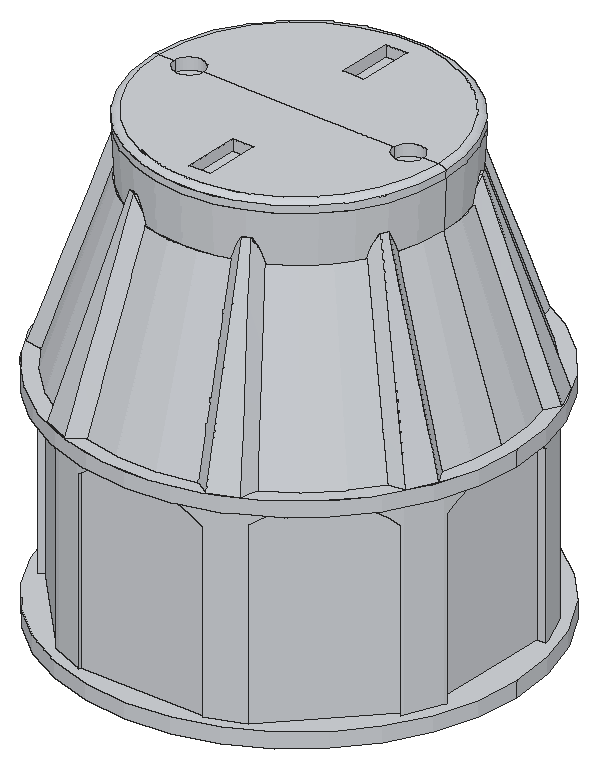
Revit family "110104-00020 Колодец пластиковый ККТМ-2-ССД", category Обобщенные модели, Revit 2019
Family settings
  Может служить основой для арматурных стержней = Нет
  Размер круглого соединителя = Использовать диаметр
  Тип детали = Нормальный
  На основе рабочей плоскости = Нет
  Всегда вертикально = Да
  При загрузке вырезать с полостями = Нет
  Общий = Нет
  Точка расчета площади = Нет
Parameters (values of type "Колодец пластиковый ККТМ-2-ССД")
  ADSK_Ссылка на сайт = "https://www.ssd.ru/kolodets-plastikovyy-kktm-2"
  ADSK_Наименование = "Колодец пластиковый ККТМ-2-ССД"
  ADSK_Материал = "Полиэтилен среднего давления"
  ADSK_Масса = "9,75"
  ADSK_Марка = "Колодцы кабельные пластиковые"
  ADSK_Код изделия = "110104-00020"
  ADSK_Изготовитель = "АО \"СВЯЗЬСТРОЙДЕТАЛЬ\""
  ADSK_Диаметр 2 = 405 mm
  ADSK_Диаметр = 600 mm
  ADSK_Высота = 620 mm
Reference planes
  plane 1 "По центру (Вперед/Назад)": y = 0
  plane 2: z = 0
  plane 3 "По центру (Влево/Вправо)": x = 0
  plane 4: x = -300
  plane 5: y = 202.5
  plane 6: x = 300
  plane 7: y = -202.5
  plane 8: z = 285
  plane 9: z = 20
  plane 10: z = 620
  plane 11: z = 540
Forms (mm)
  Extrusion 1, solid
    sketch origin (0, 0, 0) x (1, 0, 0) y (0, 1, 0)
      loop
        circle (0, 0) r 285
    from 20 to 285
  Extrusion 2, solid
    sketch origin (0, 0, 0) x (1, 0, 0) y (0, 1, 0)
      loop
        circle (0, 0) r 300
    from 0 to 20
  Extrusion 3, solid
    sketch origin (0, 0, 285) x (1, 0, 0) y (0, 1, 0)
      loop
        circle (0, 0) r 300
    from 0 to 20
  Blend 4, solid
    base sketch origin (0, 0, 0) x (1, 0, 0) y (0, 1, 0)
      loop
        circle (0, 0) r 280
    top sketch origin (0, 0, 0) x (1, 0, 0) y (0, 1, 0)
      loop
        circle (0, 0) r 200
    from 305 to 540
  Blend 5, solid
    base sketch origin (0, 0, 0) x (1, 0, 0) y (0, 1, 0)
      loop
        circle (0, 0) r 199
    top sketch origin (0, 0, 0) x (1, 0, 0) y (0, 1, 0)
      loop
        circle (0, 0) r 202.5
    from 540 to 605
  Extrusion 6, solid
    sketch origin (0, 0, 0) x (1, 0, 0) y (0, 1, 0)
      loop
        circle (0, 0) r 202.5
    from 605 to 615
  Revolve 7, solid
    sketch origin (0, 0, 0) x (1, 0, 0) y (0, 0, 1)
      loop
        line (0, 620) -> (-192.334, 620)
        arc (-192.334, 620) -> (-197.999, 618.682) -> (-202.5, 615) r 12.835
        line (-202.5, 615) -> (0, 615) -> (0, 620)
      axis (0, 620) -> (0, 615)
    angle from 0 to 360
  Extrusion 8, void
    sketch origin (0, 0, 0) x (1, 0, 0) y (0, 0, 1)
      loop
        line (85, 20) -> (85, 254.576)
        arc (85, 254.576) -> (1.096, 292.259) -> (-85, 259.895) r 120.714
        line (-85, 259.895) -> (-85, 20) -> (85, 20)
    from 269.363 to 286.917
  Extrusion 9, void
    sketch origin (0, 0, 0) x (1, 0, 0) y (0, 0, -1)
      loop
        line (85, -20) -> (-85, -20) -> (-85, -259.895)
        arc (-85, -259.895) -> (1.096, -292.259) -> (85, -254.576) r 120.714
        line (85, -254.576) -> (85, -20)
    from 259.772 to 285.661
  Extrusion 10, void
    sketch origin (2.991, 16.693, 0) x (-0.681998, -0.731354, 0) y (0, 0, 1)
      loop
        line (85, 20) -> (85, 254.576)
        arc (85, 254.576) -> (1.096, 292.259) -> (-85, 259.895) r 120.714
        line (-85, 259.895) -> (-85, 20) -> (85, 20)
    from 259.772 to 285.661
  Extrusion 11, void
    sketch origin (-0.661, 0, 0) x (0, -1, 0) y (0, 0, -1)
      loop
        line (85, -20) -> (-85, -20) -> (-85, -259.895)
        arc (-85, -259.895) -> (1.096, -292.259) -> (85, -254.576) r 120.714
        line (85, -254.576) -> (85, -20)
    from 259.772 to 285.661
  Extrusion 12, void
    sketch origin (0.661, 0, 0) x (0, -1, 0) y (0, 0, 1)
      loop
        line (85, 20) -> (85, 254.576)
        arc (85, 254.576) -> (1.096, 292.259) -> (-85, 259.895) r 120.714
        line (-85, 259.895) -> (-85, 20) -> (85, 20)
    from 259.772 to 285.661
  Extrusion 13, void
    sketch origin (-2.991, 16.693, 0) x (0.681998, -0.731354, 0) y (0, 0, -1)
      loop
        line (85, -20) -> (-85, -20) -> (-85, -259.895)
        arc (-85, -259.895) -> (1.096, -292.259) -> (85, -254.576) r 120.714
        line (85, -254.576) -> (85, -20)
    from 259.772 to 285.661
  Extrusion 14, void
    sketch origin (-2.991, -16.693, 0) x (0.681998, 0.731354, 0) y (0, 0, 1)
      loop
        line (85, 20) -> (85, 254.576)
        arc (85, 254.576) -> (1.096, 292.259) -> (-85, 259.895) r 120.714
        line (-85, 259.895) -> (-85, 20) -> (85, 20)
    from 259.772 to 285.661
  Extrusion 15, void
    sketch origin (2.991, -16.693, 0) x (-0.681998, 0.731354, 0) y (0, 0, -1)
      loop
        line (85, -20) -> (-85, -20) -> (-85, -259.895)
        arc (-85, -259.895) -> (1.096, -292.259) -> (85, -254.576) r 120.714
        line (85, -254.576) -> (85, -20)
    from 259.772 to 285.661
  Blend 16, solid
    base sketch origin (-56.088, -135.312, -73.049) x (0.920505, -0.390731, 0) y (0.12721, 0.299687, 0.945519)
      loop
        line (-50, 305) -> (50, 305) -> (38.5, 540) -> (5, 592) -> (-5, 592) -> (-38.5, 540) -> (-50, 305)
    top sketch origin (-56.088, -135.312, -73.049) x (0.920505, -0.390731, 0) y (0.12721, 0.299687, 0.945519)
      loop
        line (-20, 305) -> (20, 305) -> (5, 592) -> (-5, 592) -> (-20, 305)
    from 225.802 to 265.495
  Blend 17, solid
    base sketch origin (-56.088, 135.312, -73.049) x (0.920505, 0.390731, 0) y (-0.12721, 0.299687, -0.945519)
      loop
        line (-50, -305) -> (-38.5, -540) -> (-5, -592) -> (5, -592) -> (38.5, -540) -> (50, -305) -> (-50, -305)
    top sketch origin (-56.088, 135.312, -73.049) x (0.920505, 0.390731, 0) y (-0.12721, 0.299687, -0.945519)
      loop
        line (-20, -305) -> (-5, -592) -> (5, -592) -> (20, -305) -> (-20, -305)
    from 225.802 to 265.495
  Blend 18, solid
    base sketch origin (56.088, 135.312, -73.049) x (-0.920505, 0.390731, 0) y (-0.12721, -0.299687, 0.945519)
      loop
        line (-50, 305) -> (50, 305) -> (38.5, 540) -> (5, 592) -> (-5, 592) -> (-38.5, 540) -> (-50, 305)
    top sketch origin (56.088, 135.312, -73.049) x (-0.920505, 0.390731, 0) y (-0.12721, -0.299687, 0.945519)
      loop
        line (-20, 305) -> (20, 305) -> (5, 592) -> (-5, 592) -> (-20, 305)
    from 225.802 to 265.495
  Blend 19, solid
    base sketch origin (56.088, -135.312, -73.049) x (-0.920505, -0.390731, 0) y (0.12721, -0.299687, -0.945519)
      loop
        line (-50, -305) -> (-38.5, -540) -> (-5, -592) -> (5, -592) -> (38.5, -540) -> (50, -305) -> (-50, -305)
    top sketch origin (56.088, -135.312, -73.049) x (-0.920505, -0.390731, 0) y (0.12721, -0.299687, -0.945519)
      loop
        line (-20, -305) -> (-5, -592) -> (5, -592) -> (20, -305) -> (-20, -305)
    from 225.802 to 265.495
  Blend 20, solid
    base sketch origin (-133.434, -60.537, -75.755) x (0.422618, -0.906308, 0) y (0.295065, 0.137591, 0.945519)
      loop
        line (-50, 305) -> (50, 305) -> (38.5, 540) -> (5, 592) -> (-5, 592) -> (-38.5, 540) -> (-50, 305)
    top sketch origin (-133.434, -60.537, -75.755) x (0.422618, -0.906308, 0) y (0.295065, 0.137591, 0.945519)
      loop
        line (-20, 305) -> (20, 305) -> (5, 592) -> (-5, 592) -> (-20, 305)
    from 225.802 to 265.495
  Blend 21, solid
    base sketch origin (-133.434, 60.537, -75.755) x (0.422618, 0.906308, 0) y (-0.295065, 0.137591, -0.945519)
      loop
        line (-50, -305) -> (-38.5, -540) -> (-5, -592) -> (5, -592) -> (38.5, -540) -> (50, -305) -> (-50, -305)
    top sketch origin (-133.434, 60.537, -75.755) x (0.422618, 0.906308, 0) y (-0.295065, 0.137591, -0.945519)
      loop
        line (-20, -305) -> (-5, -592) -> (5, -592) -> (20, -305) -> (-20, -305)
    from 225.802 to 265.495
  Blend 22, solid
    base sketch origin (133.434, 60.537, -75.755) x (-0.422618, 0.906308, 0) y (-0.295065, -0.137591, 0.945519)
      loop
        line (-50, 305) -> (50, 305) -> (38.5, 540) -> (5, 592) -> (-5, 592) -> (-38.5, 540) -> (-50, 305)
    top sketch origin (133.434, 60.537, -75.755) x (-0.422618, 0.906308, 0) y (-0.295065, -0.137591, 0.945519)
      loop
        line (-20, 305) -> (20, 305) -> (5, 592) -> (-5, 592) -> (-20, 305)
    from 225.802 to 265.495
  Blend 23, solid
    base sketch origin (133.434, -60.537, -75.755) x (-0.422618, -0.906308, 0) y (0.295065, -0.137591, -0.945519)
      loop
        line (-50, -305) -> (-38.5, -540) -> (-5, -592) -> (5, -592) -> (38.5, -540) -> (50, -305) -> (-50, -305)
    top sketch origin (133.434, -60.537, -75.755) x (-0.422618, -0.906308, 0) y (0.295065, -0.137591, -0.945519)
      loop
        line (-20, -305) -> (-5, -592) -> (5, -592) -> (20, -305) -> (-20, -305)
    from 225.802 to 265.495
  Extrusion 24, void
    sketch origin (0, 0, 0) x (1, 0, 0) y (0, 1, 0)
      loop
        circle (151.327, 0) r 20
    from 605 to 620
  Extrusion 25, void
    sketch origin (0, 0, 0) x (-1, 0, 0) y (0, -1, 0)
      loop
        circle (151.327, 0) r 20
    from 605 to 620
  Extrusion 26, void
    sketch origin (0, 0, 0) x (1, 0, 0) y (0, 1, 0)
      loop
        line (-15.627, 169.711) -> (-15.627, 94.711) -> (14.373, 94.711) -> (14.373, 169.711) -> (-15.627, 169.711)
    from 605 to 620
  Extrusion 27, void
    sketch origin (0, 0, 0) x (1, 0, 0) y (0, 1, 0)
      loop
        line (-15.627, -169.711) -> (14.373, -169.711) -> (14.373, -94.711) -> (-15.627, -94.711) -> (-15.627, -169.711)
    from 605 to 620
Cuts and joins
  Extrusion 8, Extrusion 9, Extrusion 10, Extrusion 11, Extrusion 12, Extrusion 13, Extrusion 14, Extrusion 15, Extrusion 24, Extrusion 25, Extrusion 26, Extrusion 27 cuts Extrusion 1
  Extrusion 8, Extrusion 9, Extrusion 10, Extrusion 11, Extrusion 12, Extrusion 13, Extrusion 14, Extrusion 15, Extrusion 24, Extrusion 25, Extrusion 26, Extrusion 27 cuts Extrusion 2
  Extrusion 8, Extrusion 9, Extrusion 10, Extrusion 11, Extrusion 12, Extrusion 13, Extrusion 14, Extrusion 15, Extrusion 24, Extrusion 25, Extrusion 26, Extrusion 27 cuts Extrusion 3
  Extrusion 13, Extrusion 14, Extrusion 15, Extrusion 24, Extrusion 25, Extrusion 26, Extrusion 27 cuts Blend 4
  Extrusion 13, Extrusion 14, Extrusion 15, Extrusion 24, Extrusion 25, Extrusion 26, Extrusion 27 cuts Blend 5
  Extrusion 24, Extrusion 25, Extrusion 26, Extrusion 27 cuts Extrusion 6
  Extrusion 24, Extrusion 25, Extrusion 26, Extrusion 27 cuts Revolve 7
  Extrusion 24, Extrusion 25, Extrusion 26, Extrusion 27 cuts Blend 16
  Extrusion 24, Extrusion 25, Extrusion 26, Extrusion 27 cuts Blend 17
  Extrusion 24, Extrusion 25, Extrusion 26, Extrusion 27 cuts Blend 18
  Extrusion 24, Extrusion 25, Extrusion 26, Extrusion 27 cuts Blend 19
  Extrusion 24, Extrusion 25, Extrusion 26, Extrusion 27 cuts Blend 20
  Extrusion 24, Extrusion 25, Extrusion 26, Extrusion 27 cuts Blend 21
  Extrusion 24, Extrusion 25, Extrusion 26, Extrusion 27 cuts Blend 22
  Extrusion 24, Extrusion 25, Extrusion 26, Extrusion 27 cuts Blend 23
  joined: Extrusion 1, Extrusion 2, Extrusion 3, Blend 4, Blend 5, Extrusion 6, Revolve 7, Blend 16, Blend 17, Blend 18, Blend 19, Blend 20, Blend 21, Blend 22, Blend 23
Lines and regions (mm)
  model lines
    curve 1: line (0, 85, 20) -> (0, 123, 20)
    curve 2: line (0, 123, 20) -> (0, 123, 305)
Dimensions and locks
  "ADSK_Диаметр": plane 4 to plane 6
  "ADSK_Диаметр 2": plane 7 to plane 5
  equal spacing: plane 4, plane 3 "По центру (Влево/Вправо)", plane 6
  equal spacing: plane 7, plane 1 "По центру (Вперед/Назад)", plane 5
  "ADSK_Высота": plane 10 to level
  aligned and locked: level to plane 2
  aligned and locked: Extrusion 2 to level
Automatic sketch dimensions
  curve 1 to plane 9 = 0 mm
  curve 2 to plane 5 = 79.5 mm
  curve 1 to curve 1 = 38 mm
  plane 8 to curve 2 = 20 mm
  plane 1 "По центру (Вперед/Назад)" to Extrusion 1 sketch curve = 0 mm
  Extrusion 1 sketch curve to plane 3 "По центру (Влево/Вправо)" = 0 mm
  plane 1 "По центру (Вперед/Назад)" to Extrusion 2 sketch curve = 0 mm
  Extrusion 2 sketch curve to plane 3 "По центру (Влево/Вправо)" = 0 mm
  plane 1 "По центру (Вперед/Назад)" to Extrusion 3 sketch curve = 0 mm
  Extrusion 3 sketch curve to plane 3 "По центру (Влево/Вправо)" = 0 mm
  plane 1 "По центру (Вперед/Назад)" to Blend 4 sketch curve = 0 mm  (x2)
  Blend 4 sketch curve to plane 3 "По центру (Влево/Вправо)" = 0 mm  (x2)
  plane 1 "По центру (Вперед/Назад)" to Blend 5 sketch curve = 0 mm  (x2)
  Blend 5 sketch curve to plane 3 "По центру (Влево/Вправо)" = 0 mm  (x2)
  plane 1 "По центру (Вперед/Назад)" to Extrusion 6 sketch curve = 0 mm
  Extrusion 6 sketch curve to plane 3 "По центру (Влево/Вправо)" = 0 mm
  Revolve 7 sketch curve to plane 10 = 0 mm
  Revolve 7 sketch curve to plane 3 "По центру (Влево/Вправо)" = 0 mm  (x2)
  plane 4 to Revolve 7 sketch curve = 107.666 mm
  Revolve 7 sketch curve to plane 10 = 5 mm
  Revolve 7 sketch curve to Revolve 7 sketch curve = 10.166 mm
  Revolve 7 sketch curve to level = 366.045 mm
  Revolve 7 sketch curve to Revolve 7 sketch curve = 1594.315 mm
  Extrusion 8 sketch curve to plane 9 = 0 mm
  Extrusion 8 sketch curve to plane 3 "По центру (Влево/Вправо)" = 85 mm
  Extrusion 8 sketch curve to plane 3 "По центру (Влево/Вправо)" = 2.679 mm
  plane 3 "По центру (Влево/Вправо)" to Extrusion 8 sketch curve = 85 mm
  Extrusion 8 sketch curve to plane 8 = 113.396 mm
  Extrusion 8 sketch curve to plane 8 = 30.424 mm
  Extrusion 9 sketch curve to plane 9 = 0 mm
  Extrusion 9 sketch curve to plane 3 "По центру (Влево/Вправо)" = 85 mm
  Extrusion 9 sketch curve to plane 3 "По центру (Влево/Вправо)" = 2.679 mm
  plane 3 "По центру (Влево/Вправо)" to Extrusion 9 sketch curve = 85 mm
  Extrusion 9 sketch curve to plane 8 = 113.396 mm
  Extrusion 9 sketch curve to plane 8 = 30.424 mm
  plane 9 to Extrusion 10 sketch curve = 0 mm
  Extrusion 10 sketch curve to Extrusion 10 sketch curve = 82.321 mm
  Extrusion 10 sketch curve to Extrusion 10 sketch curve = 170 mm
  Extrusion 10 sketch curve to plane 8 = 113.396 mm
  Extrusion 10 sketch curve to plane 8 = 30.424 mm
  Extrusion 11 sketch curve to plane 9 = 0 mm
  Extrusion 11 sketch curve to plane 1 "По центру (Вперед/Назад)" = 85 mm
  Extrusion 11 sketch curve to plane 1 "По центру (Вперед/Назад)" = 2.679 mm
  plane 1 "По центру (Вперед/Назад)" to Extrusion 11 sketch curve = 85 mm
  Extrusion 11 sketch curve to plane 8 = 113.396 mm
  Extrusion 11 sketch curve to plane 8 = 30.424 mm
  Extrusion 12 sketch curve to plane 9 = 0 mm
  Extrusion 12 sketch curve to plane 1 "По центру (Вперед/Назад)" = 85 mm
  Extrusion 12 sketch curve to plane 1 "По центру (Вперед/Назад)" = 2.679 mm
  plane 1 "По центру (Вперед/Назад)" to Extrusion 12 sketch curve = 85 mm
  Extrusion 12 sketch curve to plane 8 = 113.396 mm
  Extrusion 12 sketch curve to plane 8 = 30.424 mm
  plane 9 to Extrusion 13 sketch curve = 0 mm
  Extrusion 13 sketch curve to Extrusion 13 sketch curve = 82.321 mm
  Extrusion 13 sketch curve to Extrusion 13 sketch curve = 170 mm
  Extrusion 13 sketch curve to plane 8 = 113.396 mm
  Extrusion 13 sketch curve to plane 8 = 30.424 mm
  Extrusion 14 sketch curve to plane 9 = 0 mm
  Extrusion 14 sketch curve to Extrusion 14 sketch curve = 82.321 mm
  Extrusion 14 sketch curve to Extrusion 14 sketch curve = 170 mm
  Extrusion 14 sketch curve to plane 8 = 113.396 mm
  Extrusion 14 sketch curve to plane 8 = 30.424 mm
  Extrusion 15 sketch curve to plane 9 = 0 mm
  Extrusion 15 sketch curve to Extrusion 15 sketch curve = 82.321 mm
  Extrusion 15 sketch curve to Extrusion 15 sketch curve = 170 mm
  Extrusion 15 sketch curve to plane 8 = 113.396 mm
  Extrusion 15 sketch curve to plane 8 = 30.424 mm
  Blend 16 sketch curve to Blend 16 sketch curve = 11.5 mm
  Blend 16 sketch curve to Blend 16 sketch curve = 33.5 mm  (x2)
  Blend 16 sketch curve to Blend 16 sketch curve = 10 mm  (x2)
  Blend 16 sketch curve to Blend 16 sketch curve = 100 mm
  Blend 16 sketch curve to Blend 16 sketch curve = 235 mm
  Blend 16 sketch curve to Blend 16 sketch curve = 0 mm
  Blend 16 sketch curve to Blend 16 sketch curve = 52 mm
  Blend 16 sketch curve to Blend 16 sketch curve = 15 mm
  Blend 16 sketch curve to Blend 16 sketch curve = 40 mm
  Blend 16 sketch curve to Blend 16 sketch curve = 287 mm
  Blend 17 sketch curve to Blend 17 sketch curve = 11.5 mm
  Blend 17 sketch curve to Blend 17 sketch curve = 33.5 mm  (x2)
  Blend 17 sketch curve to Blend 17 sketch curve = 10 mm  (x2)
  Blend 17 sketch curve to Blend 17 sketch curve = 100 mm
  Blend 17 sketch curve to Blend 17 sketch curve = 52 mm  (x2)
  Blend 17 sketch curve to Blend 17 sketch curve = 235 mm
  Blend 17 sketch curve to Blend 17 sketch curve = 15 mm
  Blend 17 sketch curve to Blend 17 sketch curve = 40 mm
  Blend 17 sketch curve to Blend 17 sketch curve = 287 mm
  Blend 18 sketch curve to Blend 18 sketch curve = 11.5 mm
  Blend 18 sketch curve to Blend 18 sketch curve = 33.5 mm  (x2)
  Blend 18 sketch curve to Blend 18 sketch curve = 10 mm  (x2)
  Blend 18 sketch curve to Blend 18 sketch curve = 100 mm
  Blend 18 sketch curve to Blend 18 sketch curve = 235 mm
  Blend 18 sketch curve to Blend 18 sketch curve = 0 mm
  Blend 18 sketch curve to Blend 18 sketch curve = 52 mm
  Blend 18 sketch curve to Blend 18 sketch curve = 15 mm
  Blend 18 sketch curve to Blend 18 sketch curve = 40 mm
  Blend 18 sketch curve to Blend 18 sketch curve = 287 mm
  Blend 19 sketch curve to Blend 19 sketch curve = 11.5 mm
  Blend 19 sketch curve to Blend 19 sketch curve = 33.5 mm  (x2)
  Blend 19 sketch curve to Blend 19 sketch curve = 10 mm  (x2)
  Blend 19 sketch curve to Blend 19 sketch curve = 100 mm
  Blend 19 sketch curve to Blend 19 sketch curve = 52 mm  (x2)
  Blend 19 sketch curve to Blend 19 sketch curve = 235 mm
  Blend 19 sketch curve to Blend 19 sketch curve = 15 mm
  Blend 19 sketch curve to Blend 19 sketch curve = 40 mm
  Blend 19 sketch curve to Blend 19 sketch curve = 287 mm
  Blend 20 sketch curve to Blend 20 sketch curve = 11.5 mm
  Blend 20 sketch curve to Blend 20 sketch curve = 33.5 mm  (x2)
  Blend 20 sketch curve to Blend 20 sketch curve = 10 mm  (x2)
  Blend 20 sketch curve to Blend 20 sketch curve = 100 mm
  Blend 20 sketch curve to Blend 20 sketch curve = 235 mm
  Blend 20 sketch curve to Blend 20 sketch curve = 0 mm
  Blend 20 sketch curve to Blend 20 sketch curve = 52 mm
  Blend 20 sketch curve to Blend 20 sketch curve = 15 mm
  Blend 20 sketch curve to Blend 20 sketch curve = 40 mm
  Blend 20 sketch curve to Blend 20 sketch curve = 287 mm
  Blend 21 sketch curve to Blend 21 sketch curve = 11.5 mm
  Blend 21 sketch curve to Blend 21 sketch curve = 33.5 mm  (x2)
  Blend 21 sketch curve to Blend 21 sketch curve = 10 mm  (x2)
  Blend 21 sketch curve to Blend 21 sketch curve = 100 mm
  Blend 21 sketch curve to Blend 21 sketch curve = 52 mm  (x2)
  Blend 21 sketch curve to Blend 21 sketch curve = 235 mm
  Blend 21 sketch curve to Blend 21 sketch curve = 15 mm
  Blend 21 sketch curve to Blend 21 sketch curve = 40 mm
  Blend 21 sketch curve to Blend 21 sketch curve = 287 mm
  Blend 22 sketch curve to Blend 22 sketch curve = 11.5 mm
  Blend 22 sketch curve to Blend 22 sketch curve = 33.5 mm  (x2)
  Blend 22 sketch curve to Blend 22 sketch curve = 10 mm  (x2)
  Blend 22 sketch curve to Blend 22 sketch curve = 100 mm
  Blend 22 sketch curve to Blend 22 sketch curve = 235 mm
  Blend 22 sketch curve to Blend 22 sketch curve = 0 mm
  Blend 22 sketch curve to Blend 22 sketch curve = 52 mm
  Blend 22 sketch curve to Blend 22 sketch curve = 15 mm
  Blend 22 sketch curve to Blend 22 sketch curve = 40 mm
  Blend 22 sketch curve to Blend 22 sketch curve = 287 mm
  Blend 23 sketch curve to Blend 23 sketch curve = 11.5 mm
  Blend 23 sketch curve to Blend 23 sketch curve = 33.5 mm  (x2)
  Blend 23 sketch curve to Blend 23 sketch curve = 10 mm  (x2)
  Blend 23 sketch curve to Blend 23 sketch curve = 100 mm
  Blend 23 sketch curve to Blend 23 sketch curve = 52 mm  (x2)
  Blend 23 sketch curve to Blend 23 sketch curve = 235 mm
  Blend 23 sketch curve to Blend 23 sketch curve = 15 mm
  Blend 23 sketch curve to Blend 23 sketch curve = 40 mm
  Blend 23 sketch curve to Blend 23 sketch curve = 287 mm
  plane 1 "По центру (Вперед/Назад)" to Extrusion 24 sketch curve = 0 mm
  plane 6 to Extrusion 24 sketch curve = 148.673 mm
  plane 1 "По центру (Вперед/Назад)" to Extrusion 25 sketch curve = 0 mm
  Extrusion 25 sketch curve to plane 4 = 148.673 mm
  Extrusion 26 sketch curve to plane 3 "По центру (Влево/Вправо)" = 15.627 mm
  plane 3 "По центру (Влево/Вправо)" to Extrusion 26 sketch curve = 14.373 mm
  Extrusion 26 sketch curve to plane 1 "По центру (Вперед/Назад)" = 94.711 mm
  Extrusion 26 sketch curve to plane 5 = 32.789 mm
  plane 3 "По центру (Влево/Вправо)" to Extrusion 27 sketch curve = 15.627 mm
  Extrusion 27 sketch curve to plane 3 "По центру (Влево/Вправо)" = 14.373 mm
  Extrusion 27 sketch curve to plane 1 "По центру (Вперед/Назад)" = 94.711 mm
  plane 7 to Extrusion 27 sketch curve = 32.789 mm
  radius of Extrusion 1 sketch curve = 285 mm
  radius of Extrusion 2 sketch curve = 300 mm
  radius of Extrusion 3 sketch curve = 300 mm
  radius of Blend 4 sketch curve = 280 mm
  radius of Blend 4 sketch curve = 200 mm
  radius of Blend 5 sketch curve = 199 mm
  radius of Blend 5 sketch curve = 202.5 mm
  radius of Extrusion 6 sketch curve = 202.5 mm
  radius of Extrusion 24 sketch curve = 20 mm
  radius of Extrusion 25 sketch curve = 20 mm
